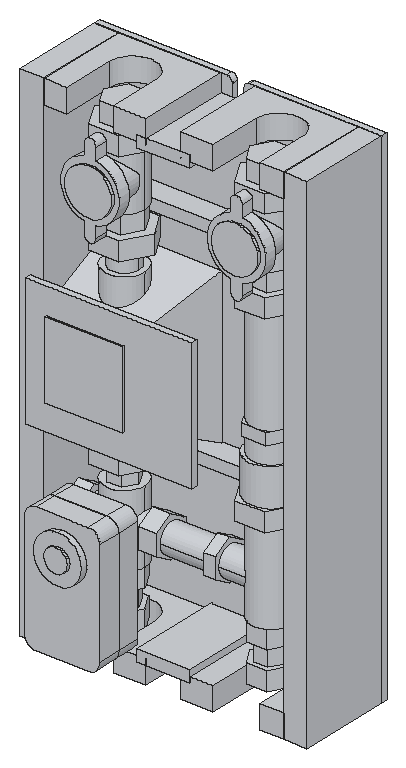
Revit family "330_d14d6b33b2744e12b9bf69e5468817", category Mechanical Equipment, Revit 2022
Family settings
  Round Connector Dimension = Use Diameter
  Classification = None
  Part Type = Normal
  Work Plane-Based = No
  Always vertical = Yes
  Cut with Voids When Loaded = No
  Maintain Annotation Orientation = No
  Shared = No
  Room Calculation Point = No
Parameters (values of type "2176 1180EA")
  magiProductId = "d14d6b33b2744e12b9bf69e5468817"
  magiProductFamilyId = "d14d6b33b2744e12b9bf69e5468817"
  magiPartTypeId = 330
  XC = 62.5 mm
  WL = 225 mm
  W2L__ve = -W2L  # -80 mm
  W2L = 80 mm
  W2 = 85 mm
  W = 170 mm
  VersionID = "2.0/2019.5.23.1/FAR_2176_001"
  R25 = 25.5 mm
  R2 = 12.5 mm
  R15 = 17.5 mm
  R13 = 20.5 mm
  R1 = 12.5 mm
  QmdConnectorList = "301;P2;302;P2;303;P1;304;P1"
  Productdata [instance] = "© MagiCAD Group, all rights reserved"
  PL = 48.571 mm
  P2 = 25 mm
  P1 = 25 mm
  Manufacturer = "FAR"
  MC Shunt Valve Configuration = 0
  MC Shunt Control Valve Location = 0
  MC Product Code = "2176 1180EA"
  MC Primary Sizing Flow [instance] = 0.0 L/s
  MC Primary Given Pressure Drop [instance] = 0.0 Pa
  MC Piping Secondary Pressure Drop [instance] = 0.0 Pa
  MC Piping Secondary Flow [instance] = 0.0 L/s
  MC Piping Flow [instance] = 0.0 L/s
  MC Control Valve kv [instance] = 0
  MC Control Valve Pressure Drop [instance] = 0.0 Pa
  MC Balancing Valve kv [instance] = 0
  MC Balancing Valve Pressure Drop [instance] = 0.0 Pa
  MC Adjustable Valve kv for min dp [instance] = 0
  MC Adjustable Valve kv for max dp [instance] = 0
  MC Adjustable Valve Min Pressure Drop [instance] = 0.0 Pa
  MC Adjustable Valve Max Pressure Drop [instance] = 0.0 Pa
  LH92 = 24.111 mm
  LH9 = 48.222 mm
  LH62 = 31 mm
  LH61 = 94 mm
  LH6 = 62 mm
  LH48 = 141.778 mm
  LH44 = 111.778 mm
  LH42 = 65.889 mm
  LH4 = 131.778 mm
  L5 = 5 mm
  L45__ve = -L45  # -45 mm
  L45 = 45 mm
  L30 = 32 mm
  L22__ve = -L22  # -5 mm
  L222__ve = -L222  # -2 mm
  L222 = 2 mm
  L22 = 5 mm
  L20__ve = -L20  # -20 mm
  L20 = 20 mm
  L2 = 122.5 mm
  L15__ve = -L15  # -16 mm
  L15 = 16 mm
  L10__ve = -L10  # -10 mm
  L10 = 10 mm
  L = 245 mm
  KH = 15 mm
  H2 = 217 mm
  H = 434 mm
  Description = "Booster unit, mixing valve 3p.230V, pump 1-8m, valves, 180mm"
  Default Elevation = 0 mm
  CenSd_R25_6 = R25 * cos(30.00°)  # 22.084 mm
  CenSd_R1_6 = R1 * cos(30.00°)  # 10.825 mm
  CenSd_R15_6 = R15 * cos(30.00°)  # 15.155 mm
  CenSd_R13_6 = R13 * cos(30.00°)  # 17.754 mm
  CAT0 = yes
  CAT = no
Reference planes
  plane 1 "Center (Front/Back)": y = 0
  plane 2 "XYPLANE": z = 0
  plane 3 "Center (Left/Right)": x = 0
  plane 4 "399": z = 201
  plane 5 "386": y = -95
  plane 6 "382": x = -30.5
  plane 7 "381": x = -94.5
  plane 8 "379": z = -11
  plane 9 "376": z = -43
  plane 10 "373": y = -120
  plane 11 "372": x = 27.5
  plane 12 "369": x = -22.5
  plane 13 "368": x = -87.5
  plane 14 "358": y = -85
  plane 15 "350": z = -70
  plane 16 "347": z = 109.778
  plane 17 "342": x = 15
  plane 18 "341": x = 82.5
  plane 19 "340": x = 42.5
  plane 20 "339": x = 102.5
  plane 21 "331": y = -40
  plane 22 "330": y = -5
  plane 23 "329": y = -85
  plane 24 "328": x = -82.5
  plane 25 "327": x = -42.5
  plane 26 "326": x = -15
  plane 27 "325": x = -102.5
  plane 28 "323": x = 112.5
  plane 29 "319": y = -5
  plane 30 "318": x = -112.5
  plane 31 "314": z = -202
  plane 32 "312": z = -92
  plane 33 "311": z = -122
  plane 34 "304": x = 57.5
  plane 35 "303": x = 67.5
  plane 36 "296": y = -85
  plane 37 "290": z = 109.889
  plane 38 "289": z = 179.889
  plane 39 "288": z = 144.889
  plane 40 "287": x = -67.5
  plane 41 "286": x = -57.5
  plane 42 "285": z = 119.889
  plane 43 "284": z = 169.889
  plane 44 "281": y = -90
  plane 45 "277": x = -42.5
  plane 46 "274": y = -75
  plane 47 "272": z = 6.889
  plane 48 "271": y = -15
  plane 49 "243": z = 88.778
  plane 50 "240": z = 185
  plane 51 "239": z = 169
  plane 52 "238": z = 120.778
  plane 53 "231": z = 104.778
  plane 54 "228": z = 72.778
  plane 55 "225": z = -59
  plane 56 "222": z = -75
  plane 57 "219": z = -153
  plane 58 "216": z = -91
  plane 59 "215": z = -169
  plane 60 "210": z = -185
  plane 61 "207": z = -201
  plane 62 "202": x = -5
  plane 63 "201": x = 5
  plane 64 "200": x = 122.5
  plane 65 "199": z = -197
  plane 66 "198": z = 197
  plane 67 "126": y = -48.571
  plane 68 "121": x = 62.5
  plane 69 "116": x = -62.5
  plane 70 "84": z = -217
  plane 71 "83": z = 217
  plane 72 "82": x = -122.5
  plane 73 "43": y = 0
  plane 74 "42": x = 0
  plane 75 "41": z = 0
Forms (mm)
  Extrusion 1, solid
    sketch origin (750, -95, 0) x (-1, 0, 0) y (0, 0, 1)
      loop
        arc (790.5, -92) -> (783.429, -94.929) -> (780.5, -102) r 10
        line (780.5, -102) -> (780.5, -192)
        arc (780.5, -192) -> (783.429, -199.071) -> (790.5, -202) r 10
        line (790.5, -202) -> (834.5, -202)
        arc (834.5, -202) -> (841.571, -199.071) -> (844.5, -192) r 10
        line (844.5, -192) -> (844.5, -102)
        arc (844.5, -102) -> (841.571, -94.929) -> (834.5, -92) r 10
        line (834.5, -92) -> (790.5, -92)
    from 0 to -20 <- "L20__ve"
  Extrusion 2, solid
    sketch origin (750, -75, 0) x (-1, 0, 0) y (0, 0, 1)
      loop
        arc (790.5, -92) -> (783.429, -94.929) -> (780.5, -102) r 10
        line (780.5, -102) -> (780.5, -192)
        arc (780.5, -192) -> (783.429, -199.071) -> (790.5, -202) r 10
        line (790.5, -202) -> (834.5, -202)
        arc (834.5, -202) -> (841.571, -199.071) -> (844.5, -192) r 10
        line (844.5, -192) -> (844.5, -102)
        arc (844.5, -102) -> (841.571, -94.929) -> (834.5, -92) r 10
        line (834.5, -92) -> (790.5, -92)
    from 0 to -20 <- "L20__ve"
  Extrusion 3, solid
    sketch origin (-750, 0, -11) x (1, 0, 0) y (0, 1, 0)
      loop
        line (833, -48.571) -> (822.75, -30.818) -> (802.25, -30.818) -> (792, -48.571) -> (802.25, -66.325) -> (822.75, -66.325) -> (833, -48.571)
    from 0 to 10 <- "L10"
  Extrusion 4, solid
    sketch origin (750, -120, 0) x (-1, 0, 0) y (0, 0, 1)
      loop
        circle (812.5, -122) r 10
    from 0 to -2 <- "L222__ve"
  Extrusion 5, solid
    sketch origin (27.5, -750, 0) x (0, 1, 0) y (0, 0, 1)
      loop
        line (701.429, -104.5) -> (686.273, -113.25) -> (686.273, -130.75) -> (701.429, -139.5) -> (716.584, -130.75) -> (716.584, -113.25) -> (701.429, -104.5)
    from 0 to -10 <- "L10__ve"
  Extrusion 6, solid
    sketch origin (-22.5, -750, 0) x (0, 1, 0) y (0, 0, 1)
      loop
        line (701.429, -104.5) -> (686.273, -113.25) -> (686.273, -130.75) -> (701.429, -139.5) -> (716.584, -130.75) -> (716.584, -113.25) -> (701.429, -104.5)
    from 0 to -16 <- "L15__ve"
  Extrusion 7, solid
    sketch origin (-87.5, -750, 0) x (0, 1, 0) y (0, 0, 1)
      loop
        line (701.429, -104.5) -> (686.273, -113.25) -> (686.273, -130.75) -> (701.429, -139.5) -> (716.584, -130.75) -> (716.584, -113.25) -> (701.429, -104.5)
    from 0 to -16 <- "L15__ve"
  Extrusion 8, solid
    sketch origin (62.5, -750, 0) x (0, 1, 0) y (0, 0, 1)
      loop
        circle (701.429, -122) r 12.5
    from 0 to -150
  Extrusion 9, solid
    sketch origin (750, -75, 0) x (-1, 0, 0) y (0, 0, 1)
      loop
        circle (812.5, -122) r 20.5
    from 0 to -45 <- "L45__ve"
  Extrusion 10, solid
    sketch origin (750, -5, 0) x (-1, 0, 0) y (0, 0, 1)
      loop
        line (727.5, -192) -> (727.5, -202) -> (772.5, -202) -> (772.5, -192) -> (727.5, -192)
    from 0 to -80 <- "W2L__ve"
  Extrusion 11, solid
    sketch origin (750, -5, 0) x (-1, 0, 0) y (0, 0, 1)
      loop
        line (727.5, 202) -> (727.5, 192) -> (772.5, 192) -> (772.5, 202) -> (727.5, 202)
    from 0 to -80 <- "W2L__ve"
  Extrusion 12, solid
    sketch origin (750, -5, 0) x (-1, 0, 0) y (0, 0, 1)
      loop
        line (862.5, -65) -> (637.5, -65) -> (637.5, -75) -> (862.5, -75) -> (862.5, -65)
    from 0 to -20 <- "L20__ve"
  Extrusion 13, solid
    sketch origin (750, -5, 0) x (-1, 0, 0) y (0, 0, 1)
      loop
        line (862.5, 114.778) -> (637.5, 114.778) -> (637.5, 104.778) -> (862.5, 104.778) -> (862.5, 114.778)
    from 0 to -20 <- "L20__ve"
  Extrusion 14, solid
    sketch origin (-750, 0, -217) x (1, 0, 0) y (0, 1, 0)
      loop
        line (765, -5) -> (765, -85) -> (792.5, -85) -> (792.5, -40)
        arc (792.5, -40) -> (812.5, -20) -> (832.5, -40) r 20
        line (832.5, -40) -> (832.5, -85) -> (852.5, -85) -> (852.5, -5) -> (765, -5)
    from 0 to 20 <- "L20"
  Extrusion 15, solid
    sketch origin (-750, 0, 217) x (1, 0, 0) y (0, 1, 0)
      loop
        line (765, -5) -> (765, -85) -> (792.5, -85) -> (792.5, -40)
        arc (792.5, -40) -> (812.5, -20) -> (832.5, -40) r 20
        line (832.5, -40) -> (832.5, -85) -> (852.5, -85) -> (852.5, -5) -> (765, -5)
    from 0 to -20 <- "L20__ve"
  Extrusion 16, solid
    sketch origin (-750, 0, -217) x (1, 0, 0) y (0, 1, 0)
      loop
        line (647.5, -5) -> (647.5, -85) -> (667.5, -85) -> (667.5, -40)
        arc (667.5, -40) -> (687.5, -20) -> (707.5, -40) r 20
        line (707.5, -40) -> (707.5, -85) -> (735, -85) -> (735, -5) -> (647.5, -5)
    from 0 to 20 <- "L20"
  Extrusion 17, solid
    sketch origin (-750, 0, 217) x (1, 0, 0) y (0, 1, 0)
      loop
        line (647.5, -5) -> (647.5, -85) -> (667.5, -85) -> (667.5, -40)
        arc (667.5, -40) -> (687.5, -20) -> (707.5, -40) r 20
        line (707.5, -40) -> (707.5, -85) -> (735, -85) -> (735, -5) -> (647.5, -5)
    from 0 to -20 <- "L20__ve"
  Extrusion 18, solid
    sketch origin (750, -5, 0) x (-1, 0, 0) y (0, 0, 1)
      loop
        line (627.5, 217) -> (627.5, -217) -> (647.5, -217) -> (647.5, 217) -> (627.5, 217)
    from 0 to -80 <- "W2L__ve"
  Extrusion 19, solid
    sketch origin (750, -5, 0) x (-1, 0, 0) y (0, 0, 1)
      loop
        line (852.5, 217) -> (852.5, -217) -> (872.5, -217) -> (872.5, 217) -> (852.5, 217)
    from 0 to -80 <- "W2L__ve"
  Extrusion 20, solid
    sketch origin (750, -75, 0) x (-1, 0, 0) y (0, 0, 1)
      loop
        circle (812.5, -122) r 17.5
    from 0 to 20 <- "L20"
  Extrusion 21, solid
    sketch origin (750, -75, 0) x (-1, 0, 0) y (0, 0, 1)
      loop
        line (692.5, 109.889) -> (692.5, 119.889)
        arc (692.5, 119.889) -> (712.5, 144.889) -> (692.5, 169.889) r 25.625
        line (692.5, 169.889) -> (692.5, 179.889)
        arc (692.5, 179.889) -> (687.5, 184.889) -> (682.5, 179.889) r 5
        line (682.5, 179.889) -> (682.5, 169.889)
        arc (682.5, 169.889) -> (662.5, 144.889) -> (682.5, 119.889) r 25.625
        line (682.5, 119.889) -> (682.5, 109.889)
        arc (682.5, 109.889) -> (687.5, 104.889) -> (692.5, 109.889) r 5
    from 0 to -10 <- "L10__ve"
  Extrusion 22, solid
    sketch origin (750, -75, 0) x (-1, 0, 0) y (0, 0, 1)
      loop
        circle (687.5, 144.889) r 17.5
    from 0 to 20 <- "L20"
  Extrusion 23, solid
    sketch origin (750, -85, 0) x (-1, 0, 0) y (0, 0, 1)
      loop
        circle (687.5, 144.889) r 20
    from 0 to -2 <- "L222__ve"
  Extrusion 24, solid
    sketch origin (750, -85, 0) x (-1, 0, 0) y (0, 0, 1)
      loop
        circle (812.5, 144.889) r 20
    from 0 to -2 <- "L222__ve"
  Extrusion 25, solid
    sketch origin (750, -75, 0) x (-1, 0, 0) y (0, 0, 1)
      loop
        circle (812.5, 144.889) r 17.5
    from 0 to 20 <- "L20"
  Extrusion 26, solid
    sketch origin (750, -75, 0) x (-1, 0, 0) y (0, 0, 1)
      loop
        line (817.5, 109.889) -> (817.5, 119.889)
        arc (817.5, 119.889) -> (837.5, 144.889) -> (817.5, 169.889) r 25.625
        line (817.5, 169.889) -> (817.5, 179.889)
        arc (817.5, 179.889) -> (812.5, 184.889) -> (807.5, 179.889) r 5
        line (807.5, 179.889) -> (807.5, 169.889)
        arc (807.5, 169.889) -> (787.5, 144.889) -> (807.5, 119.889) r 25.625
        line (807.5, 119.889) -> (807.5, 109.889)
        arc (807.5, 109.889) -> (812.5, 104.889) -> (817.5, 109.889) r 5
    from 0 to -10 <- "L10__ve"
  Extrusion 27, solid
    sketch origin (750, -90, 0) x (-1, 0, 0) y (0, 0, 1)
      loop
        line (779.556, 39.833) -> (779.556, -26.056) -> (845.444, -26.056) -> (845.444, 39.833) -> (779.556, 39.833)
    from 0 to -2
  Extrusion 28, solid
    sketch origin (750, -85, 0) x (-1, 0, 0) y (0, 0, 1)
      loop
        line (721.611, 62.778) -> (721.611, -49) -> (863.389, -49) -> (863.389, 62.778) -> (721.611, 62.778)
    from 0 to -5 <- "L22__ve"
  Blend 29, solid
    base sketch origin (750, -15, 0) x (-1, 0, 0) y (0, 0, 1)
      loop
        line (756.611, 72.778) -> (756.611, -59) -> (868.389, -59) -> (868.389, 72.778) -> (756.611, 72.778)
    top sketch origin (750, -15, 0) x (-1, 0, 0) y (0, 0, 1)
      loop
        line (779.556, 39.833) -> (779.556, -26.056) -> (845.444, -26.056) -> (845.444, 39.833) -> (779.556, 39.833)
    from 0 to -70
  Extrusion 30, solid
    sketch origin (-750, 0, -201) x (1, 0, 0) y (0, 1, 0)
      loop
        line (830, -48.571) -> (821.25, -33.416) -> (803.75, -33.416) -> (795, -48.571) -> (803.75, -63.727) -> (821.25, -63.727) -> (830, -48.571)
    from 0 to 16 <- "L15"
  Extrusion 31, solid
    sketch origin (-750, 0, -185) x (1, 0, 0) y (0, 1, 0)
      loop
        line (825, -48.571) -> (818.75, -37.746) -> (806.25, -37.746) -> (800, -48.571) -> (806.25, -59.397) -> (818.75, -59.397) -> (825, -48.571)
    from 0 to 16 <- "L15"
  Extrusion 32, solid
    sketch origin (-750, 0, -169) x (1, 0, 0) y (0, 1, 0)
      loop
        line (830, -48.571) -> (821.25, -33.416) -> (803.75, -33.416) -> (795, -48.571) -> (803.75, -63.727) -> (821.25, -63.727) -> (830, -48.571)
    from 0 to 16 <- "L15"
  Extrusion 33, solid
    sketch origin (-750, 0, -153) x (1, 0, 0) y (0, 1, 0)
      loop
        circle (812.5, -48.571) r 17.5
    from 0 to 94 <- "LH61"
  Extrusion 34, solid
    sketch origin (-750, 0, -75) x (1, 0, 0) y (0, 1, 0)
      loop
        line (838, -48.571) -> (825.25, -26.488) -> (799.75, -26.488) -> (787, -48.571) -> (799.75, -70.655) -> (825.25, -70.655) -> (838, -48.571)
    from 0 to 16 <- "L15"
  Extrusion 35, solid
    sketch origin (-750, 0, -59) x (1, 0, 0) y (0, 1, 0)
      loop
        circle (812.5, -48.571) r 20.5
    from 0 to 32 <- "L30"
  Extrusion 36, solid
    sketch origin (-750, 0, 88.778) x (1, 0, 0) y (0, 1, 0)
      loop
        line (838, -48.571) -> (825.25, -26.488) -> (799.75, -26.488) -> (787, -48.571) -> (799.75, -70.655) -> (825.25, -70.655) -> (838, -48.571)
    from 0 to 16 <- "L15"
  Extrusion 37, solid
    sketch origin (-750, 0, 104.778) x (1, 0, 0) y (0, 1, 0)
      loop
        line (830, -48.571) -> (821.25, -33.416) -> (803.75, -33.416) -> (795, -48.571) -> (803.75, -63.727) -> (821.25, -63.727) -> (830, -48.571)
    from 0 to 16 <- "L15"
  Extrusion 38, solid
    sketch origin (-750, 0, 185) x (1, 0, 0) y (0, 1, 0)
      loop
        line (830, -48.571) -> (821.25, -33.416) -> (803.75, -33.416) -> (795, -48.571) -> (803.75, -63.727) -> (821.25, -63.727) -> (830, -48.571)
    from 0 to 16 <- "L15"
  Extrusion 39, solid
    sketch origin (-750, 0, 169) x (1, 0, 0) y (0, 1, 0)
      loop
        line (838, -48.571) -> (825.25, -26.488) -> (799.75, -26.488) -> (787, -48.571) -> (799.75, -70.655) -> (825.25, -70.655) -> (838, -48.571)
    from 0 to 16 <- "L15"
  Extrusion 40, solid
    sketch origin (-750, 0, 120.778) x (1, 0, 0) y (0, 1, 0)
      loop
        circle (812.5, -48.571) r 17.5
    from 0 to 48.222 <- "LH9"
  Extrusion 41, solid
    sketch origin (-750, 0, -43) x (1, 0, 0) y (0, 1, 0)
      loop
        circle (812.5, -48.571) r 17.5
    from 0 to 131.778 <- "LH4"
  Extrusion 42, solid
    sketch origin (-750, 0, 72.778) x (1, 0, 0) y (0, 1, 0)
      loop
        circle (687.5, -48.571) r 12.5
    from 0 to 16 <- "L15"
  Extrusion 43, solid
    sketch origin (-750, 0, 120.778) x (1, 0, 0) y (0, 1, 0)
      loop
        circle (687.5, -48.571) r 17.5
    from 0 to 48.222 <- "LH9"
  Extrusion 44, solid
    sketch origin (-750, 0, 169) x (1, 0, 0) y (0, 1, 0)
      loop
        line (713, -48.571) -> (700.25, -26.488) -> (674.75, -26.488) -> (662, -48.571) -> (674.75, -70.655) -> (700.25, -70.655) -> (713, -48.571)
    from 0 to 16 <- "L15"
  Extrusion 45, solid
    sketch origin (-750, 0, 185) x (1, 0, 0) y (0, 1, 0)
      loop
        line (705, -48.571) -> (696.25, -33.416) -> (678.75, -33.416) -> (670, -48.571) -> (678.75, -63.727) -> (696.25, -63.727) -> (705, -48.571)
    from 0 to 16 <- "L15"
  Extrusion 46, solid
    sketch origin (-750, 0, 104.778) x (1, 0, 0) y (0, 1, 0)
      loop
        line (705, -48.571) -> (696.25, -33.416) -> (678.75, -33.416) -> (670, -48.571) -> (678.75, -63.727) -> (696.25, -63.727) -> (705, -48.571)
    from 0 to 16 <- "L15"
  Extrusion 47, solid
    sketch origin (-750, 0, 88.778) x (1, 0, 0) y (0, 1, 0)
      loop
        line (713, -48.571) -> (700.25, -26.488) -> (674.75, -26.488) -> (662, -48.571) -> (674.75, -70.655) -> (700.25, -70.655) -> (713, -48.571)
    from 0 to 16 <- "L15"
  Extrusion 48, solid
    sketch origin (-750, 0, -59) x (1, 0, 0) y (0, 1, 0)
      loop
        circle (687.5, -48.571) r 17.5
    from 0 to 131.778 <- "LH4"
  Extrusion 49, solid
    sketch origin (-750, 0, -75) x (1, 0, 0) y (0, 1, 0)
      loop
        line (713, -48.571) -> (700.25, -26.488) -> (674.75, -26.488) -> (662, -48.571) -> (674.75, -70.655) -> (700.25, -70.655) -> (713, -48.571)
    from 0 to 16 <- "L15"
  Extrusion 50, solid
    sketch origin (-750, 0, -91) x (1, 0, 0) y (0, 1, 0)
      loop
        line (700, -48.571) -> (693.75, -37.746) -> (681.25, -37.746) -> (675, -48.571) -> (681.25, -59.397) -> (693.75, -59.397) -> (700, -48.571)
    from 0 to 16 <- "L15"
  Extrusion 51, solid
    sketch origin (-750, 0, -153) x (1, 0, 0) y (0, 1, 0)
      loop
        circle (687.5, -48.571) r 17.5
    from 0 to 62 <- "LH6"
  Extrusion 52, solid
    sketch origin (-750, 0, -169) x (1, 0, 0) y (0, 1, 0)
      loop
        line (705, -48.571) -> (696.25, -33.416) -> (678.75, -33.416) -> (670, -48.571) -> (678.75, -63.727) -> (696.25, -63.727) -> (705, -48.571)
    from 0 to 16 <- "L15"
  Extrusion 53, solid
    sketch origin (-750, 0, -185) x (1, 0, 0) y (0, 1, 0)
      loop
        line (700, -48.571) -> (693.75, -37.746) -> (681.25, -37.746) -> (675, -48.571) -> (681.25, -59.397) -> (693.75, -59.397) -> (700, -48.571)
    from 0 to 16 <- "L15"
  Extrusion 54, solid
    sketch origin (-750, 0, -201) x (1, 0, 0) y (0, 1, 0)
      loop
        line (705, -48.571) -> (696.25, -33.416) -> (678.75, -33.416) -> (670, -48.571) -> (678.75, -63.727) -> (696.25, -63.727) -> (705, -48.571)
    from 0 to 16 <- "L15"
  Extrusion 55, solid
    sketch origin (750, 0, 0) x (-1, 0, 0) y (0, 0, 1)
      loop
        line (872.5, 217) -> (760, 217)
        arc (760, 217) -> (756.464, 215.536) -> (755, 212) r 5
        line (755, 212) -> (755, 197) -> (745, 197) -> (745, 212)
        arc (745, 212) -> (743.536, 215.536) -> (740, 217) r 5
        line (740, 217) -> (627.5, 217) -> (627.5, -217) -> (740, -217)
        arc (740, -217) -> (743.536, -215.536) -> (745, -212) r 5
        line (745, -212) -> (745, -197) -> (755, -197) -> (755, -212)
        arc (755, -212) -> (756.464, -215.536) -> (760, -217) r 5
        line (760, -217) -> (872.5, -217) -> (872.5, 217)
    from 0 to -5 <- "L22__ve"
  Extrusion 56, solid, not visible
    sketch origin (-750, 0, -201) x (1, 0, 0) y (0, 1, 0)
      loop
        circle (812.5, -48.571) r 10
    from 0 to 10
  Extrusion 57, solid, not visible
    sketch origin (-750, 0, -201) x (1, 0, 0) y (0, 1, 0)
      loop
        circle (687.5, -48.571) r 10
    from 0 to 10
  Extrusion 58, solid, not visible
    sketch origin (-750, 0, 201) x (1, 0, 0) y (0, 1, 0)
      loop
        circle (812.5, -48.571) r 10
    from 0 to -10
  Extrusion 59, solid, not visible
    sketch origin (-750, 0, 201) x (1, 0, 0) y (0, 1, 0)
      loop
        circle (687.5, -48.571) r 10
    from 0 to -10
Lines and regions (mm)
  reference lines, not visible
    curve 1: circle (2, 2, 0) r 1 normal (0, 0, 1)
  reference lines
    curve 2: line (62.5, -48.571, -11) -> (57.375, -39.695, -11)
    curve 3: line (62.5, -48.571, -11) -> (52.25, -48.571, -11)
    curve 4: line (62.5, -48.571, -11) -> (57.375, -57.448, -11)
    curve 5: line (27.5, -48.571, -122) -> (27.5, -40.994, -126.375)
    curve 6: line (27.5, -48.571, -122) -> (27.5, -48.571, -130.75)
    curve 7: line (27.5, -48.571, -122) -> (27.5, -56.149, -126.375)
    curve 8: line (-22.5, -48.571, -122) -> (-22.5, -40.994, -126.375)
    curve 9: line (-22.5, -48.571, -122) -> (-22.5, -48.571, -130.75)
    curve 10: line (-22.5, -48.571, -122) -> (-22.5, -56.149, -126.375)
    curve 11: line (-87.5, -48.571, -122) -> (-87.5, -40.994, -126.375)
    curve 12: line (-87.5, -48.571, -122) -> (-87.5, -48.571, -130.75)
    curve 13: line (-87.5, -48.571, -122) -> (-87.5, -56.149, -126.375)
    curve 14: circle (0, -5, -197) r 1 normal (0, -1, 0)
    curve 15: circle (0, -5, 197) r 1 normal (0, -1, 0)
    curve 16: circle (0, -5, -70) r 1 normal (0, -1, 0)
    curve 17: circle (0, -5, 109.778) r 1 normal (0, -1, 0)
    curve 18: line (82.5, -40, -217) -> (42.5, -40, -217)
    curve 19: line (82.5, -40, 217) -> (42.5, -40, 217)
    curve 20: line (-42.5, -40, -217) -> (-82.5, -40, -217)
    curve 21: line (-42.5, -40, 217) -> (-82.5, -40, 217)
    curve 22: circle (112.5, -5, 0) r 1 normal (0, -1, 0)
    curve 23: circle (-112.5, -5, 0) r 1 normal (0, -1, 0)
    curve 24: line (57.5, -75, 109.889) -> (67.5, -75, 109.889)
    curve 25: line (67.5, -75, 119.889) -> (67.5, -75, 169.889)
    curve 26: line (67.5, -75, 179.889) -> (57.5, -75, 179.889)
    curve 27: line (57.5, -75, 169.889) -> (57.5, -75, 119.889)
    curve 28: line (-67.5, -75, 109.889) -> (-57.5, -75, 109.889)
    curve 29: line (-57.5, -75, 119.889) -> (-57.5, -75, 169.889)
    curve 30: line (-57.5, -75, 179.889) -> (-67.5, -75, 179.889)
    curve 31: line (-67.5, -75, 169.889) -> (-67.5, -75, 119.889)
    curve 32: circle (-62.5, -90, 6.889) r 1 normal (0, -1, 0)
    curve 33: circle (-42.5, -85, 6.889) r 1 normal (0, -1, 0)
    curve 34: circle (-62.5, -15, 6.889) r 1 normal (0, 1, 0)
    curve 35: circle (-62.5, -15, 6.889) r 1 normal (0, -1, 0)
    curve 36: line (62.5, -48.571, -201) -> (58.125, -40.994, -201)
    curve 37: line (62.5, -48.571, -201) -> (53.75, -48.571, -201)
    curve 38: line (62.5, -48.571, -201) -> (58.125, -56.149, -201)
    curve 39: line (62.5, -48.571, -185) -> (59.375, -43.159, -185)
    curve 40: line (62.5, -48.571, -185) -> (56.25, -48.571, -185)
    curve 41: line (62.5, -48.571, -185) -> (59.375, -53.984, -185)
    curve 42: line (62.5, -48.571, -169) -> (58.125, -40.994, -169)
    curve 43: line (62.5, -48.571, -169) -> (53.75, -48.571, -169)
    curve 44: line (62.5, -48.571, -169) -> (58.125, -56.149, -169)
    curve 45: line (62.5, -48.571, -75) -> (56.125, -37.53, -75)
    curve 46: line (62.5, -48.571, -75) -> (49.75, -48.571, -75)
    curve 47: line (62.5, -48.571, -75) -> (56.125, -59.613, -75)
    curve 48: line (62.5, -48.571, 88.778) -> (56.125, -37.53, 88.778)
    curve 49: line (62.5, -48.571, 88.778) -> (49.75, -48.571, 88.778)
    curve 50: line (62.5, -48.571, 88.778) -> (56.125, -59.613, 88.778)
    curve 51: line (62.5, -48.571, 104.778) -> (58.125, -40.994, 104.778)
    curve 52: line (62.5, -48.571, 104.778) -> (53.75, -48.571, 104.778)
    curve 53: line (62.5, -48.571, 104.778) -> (58.125, -56.149, 104.778)
    curve 54: line (62.5, -48.571, 185) -> (58.125, -40.994, 185)
    curve 55: line (62.5, -48.571, 185) -> (53.75, -48.571, 185)
    curve 56: line (62.5, -48.571, 185) -> (58.125, -56.149, 185)
    curve 57: line (62.5, -48.571, 169) -> (56.125, -37.53, 169)
    curve 58: line (62.5, -48.571, 169) -> (49.75, -48.571, 169)
    curve 59: line (62.5, -48.571, 169) -> (56.125, -59.613, 169)
    curve 60: line (-62.5, -48.571, 169) -> (-68.875, -37.53, 169)
    curve 61: line (-62.5, -48.571, 169) -> (-75.25, -48.571, 169)
    curve 62: line (-62.5, -48.571, 169) -> (-68.875, -59.613, 169)
    curve 63: line (-62.5, -48.571, 185) -> (-66.875, -40.994, 185)
    curve 64: line (-62.5, -48.571, 185) -> (-71.25, -48.571, 185)
    curve 65: line (-62.5, -48.571, 185) -> (-66.875, -56.149, 185)
    curve 66: line (-62.5, -48.571, 104.778) -> (-66.875, -40.994, 104.778)
    curve 67: line (-62.5, -48.571, 104.778) -> (-71.25, -48.571, 104.778)
    curve 68: line (-62.5, -48.571, 104.778) -> (-66.875, -56.149, 104.778)
    curve 69: line (-62.5, -48.571, 88.778) -> (-68.875, -37.53, 88.778)
    curve 70: line (-62.5, -48.571, 88.778) -> (-75.25, -48.571, 88.778)
    curve 71: line (-62.5, -48.571, 88.778) -> (-68.875, -59.613, 88.778)
    curve 72: line (-62.5, -48.571, -75) -> (-68.875, -37.53, -75)
    curve 73: line (-62.5, -48.571, -75) -> (-75.25, -48.571, -75)
    curve 74: line (-62.5, -48.571, -75) -> (-68.875, -59.613, -75)
    curve 75: line (-62.5, -48.571, -91) -> (-65.625, -43.159, -91)
    curve 76: line (-62.5, -48.571, -91) -> (-68.75, -48.571, -91)
    curve 77: line (-62.5, -48.571, -91) -> (-65.625, -53.984, -91)
    curve 78: line (-62.5, -48.571, -169) -> (-66.875, -40.994, -169)
    curve 79: line (-62.5, -48.571, -169) -> (-71.25, -48.571, -169)
    curve 80: line (-62.5, -48.571, -169) -> (-66.875, -56.149, -169)
    curve 81: line (-62.5, -48.571, -185) -> (-65.625, -43.159, -185)
    curve 82: line (-62.5, -48.571, -185) -> (-68.75, -48.571, -185)
    curve 83: line (-62.5, -48.571, -185) -> (-65.625, -53.984, -185)
    curve 84: line (-62.5, -48.571, -201) -> (-66.875, -40.994, -201)
    curve 85: line (-62.5, -48.571, -201) -> (-71.25, -48.571, -201)
    curve 86: line (-62.5, -48.571, -201) -> (-66.875, -56.149, -201)
Dimensions and locks
  plane 1 "Center (Front/Back)" to curve 1 = 2 mm
  "L15": plane 50 "240" to plane 4 "399"
  "L20": plane 46 "274" to plane 5 "386"
  "L30": plane 69 "116" to plane 6 "382"
  "L30": plane 69 "116" to plane 7 "381"
  "L30": plane 9 "376" to plane 8 "379"
  "L15": plane 55 "225" to plane 9 "376"
  "L45": plane 46 "274" to plane 10 "373"
  locked: plane 12 "369" to plane 11 "372" at 50
  locked: plane 13 "368" to plane 12 "369" at 65
  locked: plane 68 "121" to plane 13 "368" at 150
  locked: plane 48 "271" to plane 14 "358" at 70
  "L5": plane 56 "222" to plane 15 "350"
  "L5": plane 53 "231" to plane 16 "347"
  "L10": plane 63 "201" to plane 17 "342"
  "L20": plane 68 "121" to plane 18 "341"
  "L20": plane 68 "121" to plane 19 "340"
  "L10": plane 28 "323" to plane 20 "339"
  "L45": plane 23 "329" to plane 21 "331"
  "L22": plane 73 "43" to plane 22 "330"
  "W2L": plane 22 "330" to plane 23 "329"
  "L20": plane 69 "116" to plane 24 "328"
  "L20": plane 69 "116" to plane 25 "327"
  "L10": plane 62 "202" to plane 26 "326"
  "L10": plane 30 "318" to plane 27 "325"
  "L10": plane 64 "200" to plane 28 "323"
  "L22": plane 73 "43" to plane 29 "319"
  "L10": plane 72 "82" to plane 30 "318"
  locked: plane 33 "311" to plane 31 "314" at 80
  locked: plane 33 "311" to plane 32 "312" at 30
  "LH62": plane 57 "219" to plane 33 "311"
  locked: plane 68 "121" to plane 34 "304" at 5
  locked: plane 68 "121" to plane 35 "303" at 5
  "L10": plane 46 "274" to plane 36 "296"
  "L10": plane 42 "285" to plane 37 "290"
  locked: plane 43 "284" to plane 38 "289" at 10
  "LH92": plane 52 "238" to plane 39 "288"
  locked: plane 69 "116" to plane 40 "287" at 5
  locked: plane 69 "116" to plane 41 "286" at 5
  locked: plane 39 "288" to plane 42 "285" at 25
  locked: plane 39 "288" to plane 43 "284" at 25
  "L22": plane 14 "358" to plane 44 "281"
  locked: plane 69 "116" to plane 45 "277" at 20
  locked: plane 48 "271" to plane 46 "274" at 60
  "LH42": plane 55 "225" to plane 47 "272"
  locked: plane 1 "Center (Front/Back)" to plane 48 "271" at 15
  "L15": plane 54 "228" to plane 49 "243"
  "L15": plane 51 "239" to plane 50 "240"
  "LH9": plane 52 "238" to plane 51 "239"
  "L15": plane 53 "231" to plane 52 "238"
  "L15": plane 49 "243" to plane 53 "231"
  "LH4": plane 55 "225" to plane 54 "228"
  "L15": plane 56 "222" to plane 55 "225"
  "L15": plane 58 "216" to plane 56 "222"
  "L15": plane 59 "215" to plane 57 "219"
  "LH6": plane 57 "219" to plane 58 "216"
  "L15": plane 60 "210" to plane 59 "215"
  "L15": plane 61 "207" to plane 60 "210"
  "L15": plane 70 "84" to plane 61 "207"
  "L5": plane 3 "Center (Left/Right)" to plane 62 "202"
  "L5": plane 3 "Center (Left/Right)" to plane 63 "201"
  "L2": plane 3 "Center (Left/Right)" to plane 64 "200"
  locked: plane 70 "84" to plane 65 "199" at 20
  locked: plane 71 "83" to plane 66 "198" at 20
  "PL": plane 1 "Center (Front/Back)" to plane 67 "126"
  "XC": plane 3 "Center (Left/Right)" to plane 68 "121"
  "XC": plane 3 "Center (Left/Right)" to plane 69 "116"
  "H2": plane 2 "XYPLANE" to plane 70 "84"
  "H2": plane 2 "XYPLANE" to plane 71 "83"
  "L2": plane 3 "Center (Left/Right)" to plane 72 "82"
  locked: plane 1 "Center (Front/Back)" to plane 73 "43"
  locked: plane 3 "Center (Left/Right)" to plane 74 "42"
  locked: plane 2 "XYPLANE" to plane 75 "41"
  Extrusion 1 sketch curve to Extrusion 1 sketch curve = 0 mm  (x16)
  Extrusion 2 sketch curve to Extrusion 2 sketch curve = 0 mm  (x16)
  "CenSd_R13_6": curve 2 to Extrusion 3 sketch curve  (x2)
  "CenSd_R13_6": curve 3 to Extrusion 3 sketch curve  (x2)
  "CenSd_R13_6": curve 4 to Extrusion 3 sketch curve  (x2)
  Extrusion 3 sketch curve to Extrusion 3 sketch curve = 0 mm  (x12)
  "CenSd_R15_6": curve 5 to Extrusion 5 sketch curve  (x2)
  "CenSd_R15_6": curve 6 to Extrusion 5 sketch curve  (x2)
  "CenSd_R15_6": curve 7 to Extrusion 5 sketch curve  (x2)
  Extrusion 5 sketch curve to Extrusion 5 sketch curve = 0 mm  (x12)
  "CenSd_R15_6": curve 8 to Extrusion 6 sketch curve  (x2)
  "CenSd_R15_6": curve 9 to Extrusion 6 sketch curve  (x2)
  "CenSd_R15_6": curve 10 to Extrusion 6 sketch curve  (x2)
  Extrusion 6 sketch curve to Extrusion 6 sketch curve = 0 mm  (x12)
  "CenSd_R15_6": curve 11 to Extrusion 7 sketch curve  (x2)
  "CenSd_R15_6": curve 12 to Extrusion 7 sketch curve  (x2)
  "CenSd_R15_6": curve 13 to Extrusion 7 sketch curve  (x2)
  Extrusion 7 sketch curve to Extrusion 7 sketch curve = 0 mm  (x12)
  equal spacing: Extrusion 10 sketch curve, curve 14, Extrusion 10 sketch curve  (x2)
  "L10": Extrusion 10 sketch curve to Extrusion 10 sketch curve
  "L45": Extrusion 10 sketch curve to Extrusion 10 sketch curve
  Extrusion 10 sketch curve to Extrusion 10 sketch curve = 0 mm  (x8)
  equal spacing: Extrusion 11 sketch curve, curve 15, Extrusion 11 sketch curve  (x2)
  "L10": Extrusion 11 sketch curve to Extrusion 11 sketch curve
  "L45": Extrusion 11 sketch curve to Extrusion 11 sketch curve
  Extrusion 11 sketch curve to Extrusion 11 sketch curve = 0 mm  (x8)
  equal spacing: Extrusion 12 sketch curve, curve 16, Extrusion 12 sketch curve  (x2)
  "WL": Extrusion 12 sketch curve to Extrusion 12 sketch curve
  "L10": Extrusion 12 sketch curve to Extrusion 12 sketch curve
  Extrusion 12 sketch curve to Extrusion 12 sketch curve = 0 mm  (x8)
  equal spacing: Extrusion 13 sketch curve, curve 17, Extrusion 13 sketch curve  (x2)
  "WL": Extrusion 13 sketch curve to Extrusion 13 sketch curve
  "L10": Extrusion 13 sketch curve to Extrusion 13 sketch curve
  Extrusion 13 sketch curve to Extrusion 13 sketch curve = 0 mm  (x8)
  "L20": curve 18 to Extrusion 14 sketch curve
  Extrusion 14 sketch curve to Extrusion 14 sketch curve = 0 mm  (x16)
  "L20": curve 19 to Extrusion 15 sketch curve
  Extrusion 15 sketch curve to Extrusion 15 sketch curve = 0 mm  (x16)
  "L20": curve 20 to Extrusion 16 sketch curve
  Extrusion 16 sketch curve to Extrusion 16 sketch curve = 0 mm  (x16)
  "L20": curve 21 to Extrusion 17 sketch curve
  Extrusion 17 sketch curve to Extrusion 17 sketch curve = 0 mm  (x16)
  equal spacing: Extrusion 18 sketch curve, curve 22, Extrusion 18 sketch curve  (x2)
  "H": Extrusion 18 sketch curve to Extrusion 18 sketch curve
  "L20": Extrusion 18 sketch curve to Extrusion 18 sketch curve
  Extrusion 18 sketch curve to Extrusion 18 sketch curve = 0 mm  (x8)
  equal spacing: Extrusion 19 sketch curve, curve 23, Extrusion 19 sketch curve  (x2)
  "H": Extrusion 19 sketch curve to Extrusion 19 sketch curve
  "L20": Extrusion 19 sketch curve to Extrusion 19 sketch curve
  Extrusion 19 sketch curve to Extrusion 19 sketch curve = 0 mm  (x8)
  "L5": curve 24 to Extrusion 21 sketch curve
  "L20": curve 25 to Extrusion 21 sketch curve
  "L5": curve 26 to Extrusion 21 sketch curve
  "L20": curve 27 to Extrusion 21 sketch curve
  Extrusion 21 sketch curve to Extrusion 21 sketch curve = 0 mm  (x16)
  "L5": curve 28 to Extrusion 26 sketch curve
  "L20": curve 29 to Extrusion 26 sketch curve
  "L5": curve 30 to Extrusion 26 sketch curve
  "L20": curve 31 to Extrusion 26 sketch curve
  Extrusion 26 sketch curve to Extrusion 26 sketch curve = 0 mm  (x16)
  equal spacing: Extrusion 27 sketch curve, curve 32, Extrusion 27 sketch curve  (x2)
  "LH42": Extrusion 27 sketch curve to Extrusion 27 sketch curve  (x2)
  Extrusion 27 sketch curve to Extrusion 27 sketch curve = 0 mm  (x8)
  equal spacing: Extrusion 28 sketch curve, curve 33, Extrusion 28 sketch curve  (x2)
  "LH44": Extrusion 28 sketch curve to Extrusion 28 sketch curve
  "LH48": Extrusion 28 sketch curve to Extrusion 28 sketch curve
  Extrusion 28 sketch curve to Extrusion 28 sketch curve = 0 mm  (x8)
  equal spacing: Blend 29 sketch curve, curve 34, Blend 29 sketch curve  (x2)
  "LH42": Blend 29 sketch curve to Blend 29 sketch curve  (x2)
  Blend 29 sketch curve to Blend 29 sketch curve = 0 mm  (x16)
  equal spacing: Blend 29 sketch curve, curve 35, Blend 29 sketch curve  (x2)
  "LH4": Blend 29 sketch curve to Blend 29 sketch curve
  "LH44": Blend 29 sketch curve to Blend 29 sketch curve
  "CenSd_R15_6": curve 36 to Extrusion 30 sketch curve  (x2)
  "CenSd_R15_6": curve 37 to Extrusion 30 sketch curve  (x2)
  "CenSd_R15_6": curve 38 to Extrusion 30 sketch curve  (x2)
  Extrusion 30 sketch curve to Extrusion 30 sketch curve = 0 mm  (x12)
  "CenSd_R1_6": curve 39 to Extrusion 31 sketch curve  (x2)
  "CenSd_R1_6": curve 40 to Extrusion 31 sketch curve  (x2)
  "CenSd_R1_6": curve 41 to Extrusion 31 sketch curve  (x2)
  Extrusion 31 sketch curve to Extrusion 31 sketch curve = 0 mm  (x12)
  "CenSd_R15_6": curve 42 to Extrusion 32 sketch curve  (x2)
  "CenSd_R15_6": curve 43 to Extrusion 32 sketch curve  (x2)
  "CenSd_R15_6": curve 44 to Extrusion 32 sketch curve  (x2)
  Extrusion 32 sketch curve to Extrusion 32 sketch curve = 0 mm  (x12)
  "CenSd_R25_6": curve 45 to Extrusion 34 sketch curve  (x2)
  "CenSd_R25_6": curve 46 to Extrusion 34 sketch curve  (x2)
  "CenSd_R25_6": curve 47 to Extrusion 34 sketch curve  (x2)
  Extrusion 34 sketch curve to Extrusion 34 sketch curve = 0 mm  (x12)
  "CenSd_R25_6": curve 48 to Extrusion 36 sketch curve  (x2)
  "CenSd_R25_6": curve 49 to Extrusion 36 sketch curve  (x2)
  "CenSd_R25_6": curve 50 to Extrusion 36 sketch curve  (x2)
  Extrusion 36 sketch curve to Extrusion 36 sketch curve = 0 mm  (x12)
  "CenSd_R15_6": curve 51 to Extrusion 37 sketch curve  (x2)
  "CenSd_R15_6": curve 52 to Extrusion 37 sketch curve  (x2)
  "CenSd_R15_6": curve 53 to Extrusion 37 sketch curve  (x2)
  Extrusion 37 sketch curve to Extrusion 37 sketch curve = 0 mm  (x12)
  "CenSd_R15_6": curve 54 to Extrusion 38 sketch curve  (x2)
  "CenSd_R15_6": curve 55 to Extrusion 38 sketch curve  (x2)
  "CenSd_R15_6": curve 56 to Extrusion 38 sketch curve  (x2)
  Extrusion 38 sketch curve to Extrusion 38 sketch curve = 0 mm  (x12)
  "CenSd_R25_6": curve 57 to Extrusion 39 sketch curve  (x2)
  "CenSd_R25_6": curve 58 to Extrusion 39 sketch curve  (x2)
  "CenSd_R25_6": curve 59 to Extrusion 39 sketch curve  (x2)
  Extrusion 39 sketch curve to Extrusion 39 sketch curve = 0 mm  (x12)
  "CenSd_R25_6": curve 60 to Extrusion 44 sketch curve  (x2)
  "CenSd_R25_6": curve 61 to Extrusion 44 sketch curve  (x2)
  "CenSd_R25_6": curve 62 to Extrusion 44 sketch curve  (x2)
  Extrusion 44 sketch curve to Extrusion 44 sketch curve = 0 mm  (x12)
  "CenSd_R15_6": curve 63 to Extrusion 45 sketch curve  (x2)
  "CenSd_R15_6": curve 64 to Extrusion 45 sketch curve  (x2)
  "CenSd_R15_6": curve 65 to Extrusion 45 sketch curve  (x2)
  Extrusion 45 sketch curve to Extrusion 45 sketch curve = 0 mm  (x12)
  "CenSd_R15_6": curve 66 to Extrusion 46 sketch curve  (x2)
  "CenSd_R15_6": curve 67 to Extrusion 46 sketch curve  (x2)
  "CenSd_R15_6": curve 68 to Extrusion 46 sketch curve  (x2)
  Extrusion 46 sketch curve to Extrusion 46 sketch curve = 0 mm  (x12)
  "CenSd_R25_6": curve 69 to Extrusion 47 sketch curve  (x2)
  "CenSd_R25_6": curve 70 to Extrusion 47 sketch curve  (x2)
  "CenSd_R25_6": curve 71 to Extrusion 47 sketch curve  (x2)
  Extrusion 47 sketch curve to Extrusion 47 sketch curve = 0 mm  (x12)
  "CenSd_R25_6": curve 72 to Extrusion 49 sketch curve  (x2)
  "CenSd_R25_6": curve 73 to Extrusion 49 sketch curve  (x2)
  "CenSd_R25_6": curve 74 to Extrusion 49 sketch curve  (x2)
  Extrusion 49 sketch curve to Extrusion 49 sketch curve = 0 mm  (x12)
  "CenSd_R1_6": curve 75 to Extrusion 50 sketch curve  (x2)
  "CenSd_R1_6": curve 76 to Extrusion 50 sketch curve  (x2)
  "CenSd_R1_6": curve 77 to Extrusion 50 sketch curve  (x2)
  Extrusion 50 sketch curve to Extrusion 50 sketch curve = 0 mm  (x12)
  "CenSd_R15_6": curve 78 to Extrusion 52 sketch curve  (x2)
  "CenSd_R15_6": curve 79 to Extrusion 52 sketch curve  (x2)
  "CenSd_R15_6": curve 80 to Extrusion 52 sketch curve  (x2)
  Extrusion 52 sketch curve to Extrusion 52 sketch curve = 0 mm  (x12)
  "CenSd_R1_6": curve 81 to Extrusion 53 sketch curve  (x2)
  "CenSd_R1_6": curve 82 to Extrusion 53 sketch curve  (x2)
  "CenSd_R1_6": curve 83 to Extrusion 53 sketch curve  (x2)
  Extrusion 53 sketch curve to Extrusion 53 sketch curve = 0 mm  (x12)
  "CenSd_R15_6": curve 84 to Extrusion 54 sketch curve  (x2)
  "CenSd_R15_6": curve 85 to Extrusion 54 sketch curve  (x2)
  "CenSd_R15_6": curve 86 to Extrusion 54 sketch curve  (x2)
  Extrusion 54 sketch curve to Extrusion 54 sketch curve = 0 mm  (x12)
  Extrusion 55 sketch curve to Extrusion 55 sketch curve = 0 mm  (x32)
  "L10": radius of Extrusion 1 sketch curve  (x4)
  "L10": radius of Extrusion 2 sketch curve  (x4)
  "L10": radius of Extrusion 4 sketch curve
  "R1": radius of Extrusion 8 sketch curve
  "R13": radius of Extrusion 9 sketch curve
  "R15": radius of Extrusion 20 sketch curve
  "R15": radius of Extrusion 22 sketch curve
  "L20": radius of Extrusion 23 sketch curve
  "L20": radius of Extrusion 24 sketch curve
  "R15": radius of Extrusion 25 sketch curve
  "R15": radius of Extrusion 33 sketch curve
  "R13": radius of Extrusion 35 sketch curve
  "R15": radius of Extrusion 40 sketch curve
  "R15": radius of Extrusion 41 sketch curve
  "R1": radius of Extrusion 42 sketch curve
  "R15": radius of Extrusion 43 sketch curve
  "R15": radius of Extrusion 48 sketch curve
  "R15": radius of Extrusion 51 sketch curve
  "L5": radius of Extrusion 55 sketch curve  (x4)
  locked: curve 3 to curve 2 (angle 60.00°)
  locked: curve 4 to curve 3 (angle 60.00°)
  locked: curve 4 to curve 2 (angle 120.00°)
  locked: curve 6 to curve 5 (angle 60.00°)
  locked: curve 7 to curve 6 (angle 60.00°)
  locked: curve 7 to curve 5 (angle 120.00°)
  locked: curve 9 to curve 8 (angle 60.00°)
  locked: curve 10 to curve 9 (angle 60.00°)
  locked: curve 10 to curve 8 (angle 120.00°)
  locked: curve 12 to curve 11 (angle 60.00°)
  locked: curve 13 to curve 12 (angle 60.00°)
  locked: curve 13 to curve 11 (angle 120.00°)
  locked: curve 37 to curve 36 (angle 60.00°)
  locked: curve 38 to curve 37 (angle 60.00°)
  locked: curve 38 to curve 36 (angle 120.00°)
  locked: curve 40 to curve 39 (angle 60.00°)
  locked: curve 41 to curve 40 (angle 60.00°)
  locked: curve 41 to curve 39 (angle 120.00°)
  locked: curve 43 to curve 42 (angle 60.00°)
  locked: curve 44 to curve 43 (angle 60.00°)
  locked: curve 44 to curve 42 (angle 120.00°)
  locked: curve 46 to curve 45 (angle 60.00°)
  locked: curve 47 to curve 46 (angle 60.00°)
  locked: curve 47 to curve 45 (angle 120.00°)
  locked: curve 49 to curve 48 (angle 60.00°)
  locked: curve 50 to curve 49 (angle 60.00°)
  locked: curve 50 to curve 48 (angle 120.00°)
  locked: curve 52 to curve 51 (angle 60.00°)
  locked: curve 53 to curve 52 (angle 60.00°)
  locked: curve 53 to curve 51 (angle 120.00°)
  locked: curve 55 to curve 54 (angle 60.00°)
  locked: curve 56 to curve 55 (angle 60.00°)
  locked: curve 56 to curve 54 (angle 120.00°)
  locked: curve 58 to curve 57 (angle 60.00°)
  locked: curve 59 to curve 58 (angle 60.00°)
  locked: curve 59 to curve 57 (angle 120.00°)
  locked: curve 61 to curve 60 (angle 60.00°)
  locked: curve 62 to curve 61 (angle 60.00°)
  locked: curve 62 to curve 60 (angle 120.00°)
  locked: curve 64 to curve 63 (angle 60.00°)
  locked: curve 65 to curve 64 (angle 60.00°)
  locked: curve 65 to curve 63 (angle 120.00°)
  locked: curve 67 to curve 66 (angle 60.00°)
  locked: curve 68 to curve 67 (angle 60.00°)
  locked: curve 68 to curve 66 (angle 120.00°)
  locked: curve 70 to curve 69 (angle 60.00°)
  locked: curve 71 to curve 70 (angle 60.00°)
  locked: curve 71 to curve 69 (angle 120.00°)
  locked: curve 73 to curve 72 (angle 60.00°)
  locked: curve 74 to curve 73 (angle 60.00°)
  locked: curve 74 to curve 72 (angle 120.00°)
  locked: curve 76 to curve 75 (angle 60.00°)
  locked: curve 77 to curve 76 (angle 60.00°)
  locked: curve 77 to curve 75 (angle 120.00°)
  locked: curve 79 to curve 78 (angle 60.00°)
  locked: curve 80 to curve 79 (angle 60.00°)
  locked: curve 80 to curve 78 (angle 120.00°)
  locked: curve 82 to curve 81 (angle 60.00°)
  locked: curve 83 to curve 82 (angle 60.00°)
  locked: curve 83 to curve 81 (angle 120.00°)
  locked: curve 85 to curve 84 (angle 60.00°)
  locked: curve 86 to curve 85 (angle 60.00°)
  locked: curve 86 to curve 84 (angle 120.00°)
  aligned and locked: level to plane 2 "XYPLANE"
  aligned and locked: plane 6 "382" to Extrusion 1 sketch curve
  aligned and locked: plane 31 "314" to Extrusion 1 sketch curve
  aligned and locked: Extrusion 1 sketch curve to plane 7 "381"
  aligned and locked: Extrusion 1 sketch curve to plane 32 "312"
  aligned and locked: plane 6 "382" to Extrusion 2 sketch curve
  aligned and locked: plane 31 "314" to Extrusion 2 sketch curve
  aligned and locked: Extrusion 2 sketch curve to plane 7 "381"
  aligned and locked: Extrusion 2 sketch curve to plane 32 "312"
  aligned and locked: plane 67 "126" to curve 4
  aligned and locked: plane 68 "121" to curve 4
  aligned and locked: plane 33 "311" to Extrusion 4 sketch curve
  aligned and locked: Extrusion 4 sketch curve to plane 69 "116"
  aligned and locked: plane 33 "311" to curve 7
  aligned and locked: curve 7 to plane 67 "126"
  aligned and locked: plane 33 "311" to curve 10
  aligned and locked: curve 10 to plane 67 "126"
  aligned and locked: plane 33 "311" to curve 13
  aligned and locked: curve 13 to plane 67 "126"
  aligned and locked: plane 33 "311" to Extrusion 8 sketch curve
  aligned and locked: Extrusion 8 sketch curve to plane 67 "126"
  aligned and locked: plane 33 "311" to Extrusion 9 sketch curve
  aligned and locked: Extrusion 9 sketch curve to plane 69 "116"
  aligned and locked: plane 65 "199" to curve 14
  aligned and locked: curve 14 to plane 74 "42"
  aligned and locked: plane 66 "198" to curve 15
  aligned and locked: plane 74 "42" to curve 15
  aligned and locked: plane 15 "350" to curve 16
  aligned and locked: curve 16 to plane 74 "42"
  aligned and locked: plane 16 "347" to curve 17
  aligned and locked: plane 74 "42" to curve 17
  aligned and locked: Extrusion 14 sketch curve to plane 22 "330"
  aligned and locked: plane 17 "342" to Extrusion 14 sketch curve  (x2)
  aligned and locked: Extrusion 14 sketch curve to plane 20 "339"
  aligned and locked: plane 22 "330" to Extrusion 14 sketch curve
  aligned and locked: plane 23 "329" to Extrusion 14 sketch curve  (x4)
  aligned and locked: plane 20 "339" to Extrusion 14 sketch curve
  aligned and locked: plane 18 "341" to Extrusion 14 sketch curve
  aligned and locked: plane 21 "331" to Extrusion 14 sketch curve  (x2)
  aligned and locked: plane 21 "331" to curve 18
  aligned and locked: plane 18 "341" to curve 18
  aligned and locked: plane 19 "340" to curve 18
  aligned and locked: Extrusion 14 sketch curve to plane 19 "340"
  aligned and locked: plane 19 "340" to Extrusion 14 sketch curve
  aligned and locked: Extrusion 15 sketch curve to plane 22 "330"
  aligned and locked: plane 17 "342" to Extrusion 15 sketch curve  (x2)
  aligned and locked: Extrusion 15 sketch curve to plane 20 "339"
  aligned and locked: plane 22 "330" to Extrusion 15 sketch curve
  aligned and locked: plane 23 "329" to Extrusion 15 sketch curve  (x4)
  aligned and locked: plane 20 "339" to Extrusion 15 sketch curve
  aligned and locked: plane 18 "341" to Extrusion 15 sketch curve
  aligned and locked: plane 21 "331" to Extrusion 15 sketch curve  (x2)
  aligned and locked: plane 21 "331" to curve 19
  aligned and locked: plane 18 "341" to curve 19
  aligned and locked: plane 19 "340" to curve 19
  aligned and locked: Extrusion 15 sketch curve to plane 19 "340"
  aligned and locked: plane 19 "340" to Extrusion 15 sketch curve
  aligned and locked: Extrusion 16 sketch curve to plane 22 "330"
  aligned and locked: plane 27 "325" to Extrusion 16 sketch curve  (x2)
  aligned and locked: Extrusion 16 sketch curve to plane 26 "326"
  aligned and locked: plane 22 "330" to Extrusion 16 sketch curve
  aligned and locked: plane 23 "329" to Extrusion 16 sketch curve  (x4)
  aligned and locked: plane 26 "326" to Extrusion 16 sketch curve
  aligned and locked: plane 25 "327" to Extrusion 16 sketch curve
  aligned and locked: plane 21 "331" to Extrusion 16 sketch curve  (x2)
  aligned and locked: plane 21 "331" to curve 20
  aligned and locked: plane 25 "327" to curve 20
  aligned and locked: plane 24 "328" to curve 20
  aligned and locked: Extrusion 16 sketch curve to plane 24 "328"
  aligned and locked: plane 24 "328" to Extrusion 16 sketch curve
  aligned and locked: Extrusion 17 sketch curve to plane 22 "330"
  aligned and locked: plane 27 "325" to Extrusion 17 sketch curve  (x2)
  aligned and locked: Extrusion 17 sketch curve to plane 26 "326"
  aligned and locked: plane 22 "330" to Extrusion 17 sketch curve
  aligned and locked: plane 23 "329" to Extrusion 17 sketch curve  (x4)
  aligned and locked: plane 26 "326" to Extrusion 17 sketch curve
  aligned and locked: plane 25 "327" to Extrusion 17 sketch curve
  aligned and locked: plane 21 "331" to Extrusion 17 sketch curve  (x2)
  aligned and locked: plane 21 "331" to curve 21
  aligned and locked: plane 25 "327" to curve 21
  aligned and locked: plane 24 "328" to curve 21
  aligned and locked: Extrusion 17 sketch curve to plane 24 "328"
  aligned and locked: plane 24 "328" to Extrusion 17 sketch curve
  aligned and locked: curve 22 to plane 28 "323"
  aligned and locked: plane 75 "41" to curve 22
  aligned and locked: curve 23 to plane 30 "318"
  aligned and locked: plane 75 "41" to curve 23
  aligned and locked: plane 33 "311" to Extrusion 20 sketch curve
  aligned and locked: Extrusion 20 sketch curve to plane 69 "116"
  aligned and locked: curve 24 to plane 37 "290"
  aligned and locked: plane 34 "304" to curve 24
  aligned and locked: plane 35 "303" to curve 24
  aligned and locked: plane 35 "303" to Extrusion 21 sketch curve  (x2)
  aligned and locked: plane 37 "290" to Extrusion 21 sketch curve  (x2)
  aligned and locked: plane 42 "285" to Extrusion 21 sketch curve  (x2)
  aligned and locked: plane 35 "303" to curve 25
  aligned and locked: plane 42 "285" to curve 25
  aligned and locked: plane 43 "284" to curve 25
  aligned and locked: plane 43 "284" to Extrusion 21 sketch curve  (x2)
  aligned and locked: plane 38 "289" to Extrusion 21 sketch curve  (x2)
  aligned and locked: plane 38 "289" to curve 26
  aligned and locked: plane 35 "303" to curve 26
  aligned and locked: plane 34 "304" to curve 26
  aligned and locked: Extrusion 21 sketch curve to plane 34 "304"  (x2)
  aligned and locked: curve 27 to plane 34 "304"
  aligned and locked: plane 43 "284" to curve 27
  aligned and locked: plane 42 "285" to curve 27
  aligned and locked: plane 39 "288" to Extrusion 22 sketch curve
  aligned and locked: plane 68 "121" to Extrusion 22 sketch curve
  aligned and locked: plane 39 "288" to Extrusion 23 sketch curve
  aligned and locked: plane 68 "121" to Extrusion 23 sketch curve
  aligned and locked: plane 39 "288" to Extrusion 24 sketch curve
  aligned and locked: plane 69 "116" to Extrusion 24 sketch curve
  aligned and locked: plane 39 "288" to Extrusion 25 sketch curve
  aligned and locked: plane 69 "116" to Extrusion 25 sketch curve
  aligned and locked: curve 28 to plane 37 "290"
  aligned and locked: plane 40 "287" to curve 28
  aligned and locked: plane 41 "286" to curve 28
  aligned and locked: plane 41 "286" to Extrusion 26 sketch curve  (x2)
  aligned and locked: plane 37 "290" to Extrusion 26 sketch curve  (x2)
  aligned and locked: plane 42 "285" to Extrusion 26 sketch curve  (x2)
  aligned and locked: plane 41 "286" to curve 29
  aligned and locked: plane 42 "285" to curve 29
  aligned and locked: plane 43 "284" to curve 29
  aligned and locked: plane 43 "284" to Extrusion 26 sketch curve  (x2)
  aligned and locked: plane 38 "289" to Extrusion 26 sketch curve  (x2)
  aligned and locked: plane 38 "289" to curve 30
  aligned and locked: plane 41 "286" to curve 30
  aligned and locked: plane 40 "287" to curve 30
  aligned and locked: Extrusion 26 sketch curve to plane 40 "287"  (x2)
  aligned and locked: curve 31 to plane 40 "287"
  aligned and locked: plane 43 "284" to curve 31
  aligned and locked: plane 42 "285" to curve 31
  aligned and locked: plane 47 "272" to curve 32
  aligned and locked: plane 69 "116" to curve 32
  aligned and locked: plane 45 "277" to curve 33
  aligned and locked: plane 47 "272" to curve 33
  aligned and locked: plane 47 "272" to curve 34
  aligned and locked: plane 69 "116" to curve 34
  aligned and locked: plane 47 "272" to curve 35
  aligned and locked: plane 69 "116" to curve 35
  aligned and locked: Blend 29 to plane 14 "358"
  aligned and locked: plane 67 "126" to curve 38
  aligned and locked: plane 68 "121" to curve 38
  aligned and locked: plane 67 "126" to curve 41
  aligned and locked: plane 68 "121" to curve 41
  aligned and locked: plane 67 "126" to curve 44
  aligned and locked: plane 68 "121" to curve 44
  aligned and locked: plane 67 "126" to Extrusion 33 sketch curve
  aligned and locked: plane 68 "121" to Extrusion 33 sketch curve
  aligned and locked: plane 67 "126" to curve 47
  aligned and locked: plane 68 "121" to curve 47
  aligned and locked: plane 67 "126" to Extrusion 35 sketch curve
  aligned and locked: plane 68 "121" to Extrusion 35 sketch curve
  aligned and locked: plane 67 "126" to curve 50
  aligned and locked: plane 68 "121" to curve 50
  aligned and locked: plane 67 "126" to curve 53
  aligned and locked: plane 68 "121" to curve 53
  aligned and locked: plane 67 "126" to curve 56
  aligned and locked: plane 68 "121" to curve 56
  aligned and locked: plane 67 "126" to curve 59
  aligned and locked: plane 68 "121" to curve 59
  aligned and locked: plane 67 "126" to Extrusion 40 sketch curve
  aligned and locked: plane 68 "121" to Extrusion 40 sketch curve
  aligned and locked: plane 67 "126" to Extrusion 41 sketch curve
  aligned and locked: plane 68 "121" to Extrusion 41 sketch curve
  aligned and locked: plane 67 "126" to Extrusion 42 sketch curve
  aligned and locked: plane 69 "116" to Extrusion 42 sketch curve
  aligned and locked: plane 67 "126" to Extrusion 43 sketch curve
  aligned and locked: plane 69 "116" to Extrusion 43 sketch curve
  aligned and locked: plane 67 "126" to curve 61
  aligned and locked: plane 69 "116" to curve 61
  aligned and locked: plane 67 "126" to curve 64
  aligned and locked: plane 69 "116" to curve 64
  aligned and locked: plane 67 "126" to curve 67
  aligned and locked: plane 69 "116" to curve 67
  aligned and locked: plane 67 "126" to curve 70
  aligned and locked: plane 69 "116" to curve 70
  aligned and locked: plane 67 "126" to Extrusion 48 sketch curve
  aligned and locked: plane 69 "116" to Extrusion 48 sketch curve
  aligned and locked: plane 67 "126" to curve 73
  aligned and locked: plane 69 "116" to curve 73
  aligned and locked: plane 67 "126" to curve 77
  aligned and locked: plane 69 "116" to curve 77
  aligned and locked: plane 67 "126" to Extrusion 51 sketch curve
  aligned and locked: plane 69 "116" to Extrusion 51 sketch curve
  aligned and locked: plane 67 "126" to curve 79
  aligned and locked: plane 69 "116" to curve 79
  aligned and locked: plane 67 "126" to curve 82
  aligned and locked: plane 69 "116" to curve 82
  aligned and locked: plane 67 "126" to curve 85
  aligned and locked: plane 69 "116" to curve 85
  aligned and locked: Extrusion 55 sketch curve to plane 71 "83"  (x2)
  aligned and locked: plane 72 "82" to Extrusion 55 sketch curve
  aligned and locked: Extrusion 55 sketch curve to plane 62 "202"  (x2)
  aligned and locked: plane 66 "198" to Extrusion 55 sketch curve  (x2)
  aligned and locked: plane 62 "202" to Extrusion 55 sketch curve
  aligned and locked: plane 63 "201" to Extrusion 55 sketch curve
  aligned and locked: plane 64 "200" to Extrusion 55 sketch curve
  aligned and locked: plane 71 "83" to Extrusion 55 sketch curve
  aligned and locked: plane 70 "84" to Extrusion 55 sketch curve  (x3)
  aligned and locked: Extrusion 55 sketch curve to plane 64 "200"
  aligned and locked: Extrusion 55 sketch curve to plane 63 "201"  (x2)
  aligned and locked: plane 65 "199" to Extrusion 55 sketch curve  (x2)
  aligned and locked: Extrusion 55 sketch curve to plane 72 "82"
  aligned and locked: plane 67 "126" to Extrusion 56 sketch curve
  aligned and locked: plane 68 "121" to Extrusion 56 sketch curve
  aligned and locked: plane 67 "126" to Extrusion 57 sketch curve
  aligned and locked: plane 69 "116" to Extrusion 57 sketch curve
  aligned and locked: plane 67 "126" to Extrusion 58 sketch curve
  aligned and locked: plane 68 "121" to Extrusion 58 sketch curve
  aligned and locked: plane 67 "126" to Extrusion 59 sketch curve
  aligned and locked: plane 69 "116" to Extrusion 59 sketch curve
Automatic sketch dimensions
  Extrusion 56 sketch curve to Extrusion 56 sketch curve = 10 mm
  Extrusion 57 sketch curve to Extrusion 57 sketch curve = 10 mm
  Extrusion 58 sketch curve to Extrusion 58 sketch curve = 10 mm
  Extrusion 59 sketch curve to Extrusion 59 sketch curve = 10 mm
  plane 3 "Center (Left/Right)" to curve 1 = 2 mm
  Extrusion 10 sketch curve to plane 31 "314" = 0 mm
  Extrusion 10 sketch curve to plane 12 "369" = 0 mm
  Extrusion 11 sketch curve to plane 12 "369" = 0 mm
  Extrusion 11 sketch curve to plane 66 "198" = 5 mm
  Extrusion 12 sketch curve to plane 28 "323" = 0 mm
  Extrusion 12 sketch curve to plane 56 "222" = 0 mm
  Extrusion 13 sketch curve to plane 28 "323" = 0 mm
  Extrusion 13 sketch curve to plane 53 "231" = 0 mm
  Extrusion 18 sketch curve to plane 64 "200" = 0 mm
  Extrusion 18 sketch curve to plane 70 "84" = 0 mm
  Extrusion 19 sketch curve to plane 27 "325" = 0 mm
  Extrusion 19 sketch curve to plane 70 "84" = 0 mm
  plane 6 "382" to Extrusion 27 sketch curve = 0.944 mm
  Extrusion 27 sketch curve to plane 8 "379" = 15.056 mm
  plane 11 "372" to Extrusion 28 sketch curve = 0.889 mm
  Extrusion 28 sketch curve to plane 9 "376" = 6 mm
  Blend 29 sketch curve to plane 54 "228" = 0 mm
  Blend 29 sketch curve to plane 62 "202" = 1.611 mm
  plane 6 "382" to Blend 29 sketch curve = 0.944 mm
  Blend 29 sketch curve to plane 8 "379" = 15.056 mm
  radius of curve 14 = 1 mm
  radius of curve 15 = 1 mm
  radius of curve 16 = 1 mm
  radius of curve 17 = 1 mm
  radius of curve 22 = 1 mm
  radius of curve 23 = 1 mm
  radius of curve 32 = 1 mm
  radius of curve 33 = 1 mm
  radius of curve 34 = 1 mm
  radius of curve 35 = 1 mm
  radius of curve 1 = 1 mm
Connectors
  piping at (-62.5, -48.571, -201), diameter 25, driven by "MC Piping Flow", driven by "P2"
    settings: on Extrusion 57, index 1, connector inside diameter 609.6 mm, connector length 0 mm, flow factor 0, pipe flow 0.0 L/s, pressure drop 0.0 Pa, fitting loss kfactor 0, connector angle 0.00°, fixture units 0, engagement length 0 mm, angle of deflection 0.00°, flow configuration 1, flow direction 1, fitting loss method 4, system type 7, joint type 0, gender type 0, connector reference index -1, connector utility 0, adjustable connector no, is connector primary yes, connector description "301"
  piping at (62.5, -48.571, -201), diameter 25, driven by "MC Piping Flow", driven by "P2"
    settings: on Extrusion 56, index 2, connector inside diameter 609.6 mm, connector length 0 mm, flow factor 0, pipe flow 0.0 L/s, pressure drop 0.0 Pa, fitting loss kfactor 0, connector angle 0.00°, fixture units 0, engagement length 0 mm, angle of deflection 0.00°, flow configuration 1, flow direction 2, fitting loss method 4, system type 8, joint type 0, gender type 0, connector reference index -1, connector utility 0, adjustable connector no, is connector primary no, connector description "302"
  piping at (-62.5, -48.571, 201), diameter 25, driven by "P1"
    settings: on Extrusion 59, index 3, connector inside diameter 609.6 mm, connector length 0 mm, flow factor 0, pipe flow 0.0 L/s, pressure drop 0.0 Pa, fitting loss kfactor 0, connector angle 0.00°, fixture units 0, engagement length 0 mm, angle of deflection 0.00°, flow configuration 0, flow direction 2, fitting loss method 0, system type 7, joint type 0, gender type 0, connector reference index -1, connector utility 0, adjustable connector no, is connector primary no, connector description "303"
  piping at (62.5, -48.571, 201), diameter 25, driven by "P1"
    settings: on Extrusion 58, index 4, connector inside diameter 609.6 mm, connector length 0 mm, flow factor 0, pipe flow 0.0 L/s, pressure drop 0.0 Pa, fitting loss kfactor 0, connector angle 0.00°, fixture units 0, engagement length 0 mm, angle of deflection 0.00°, flow configuration 0, flow direction 1, fitting loss method 0, system type 8, joint type 0, gender type 0, connector reference index -1, connector utility 0, adjustable connector no, is connector primary no, connector description "304"
